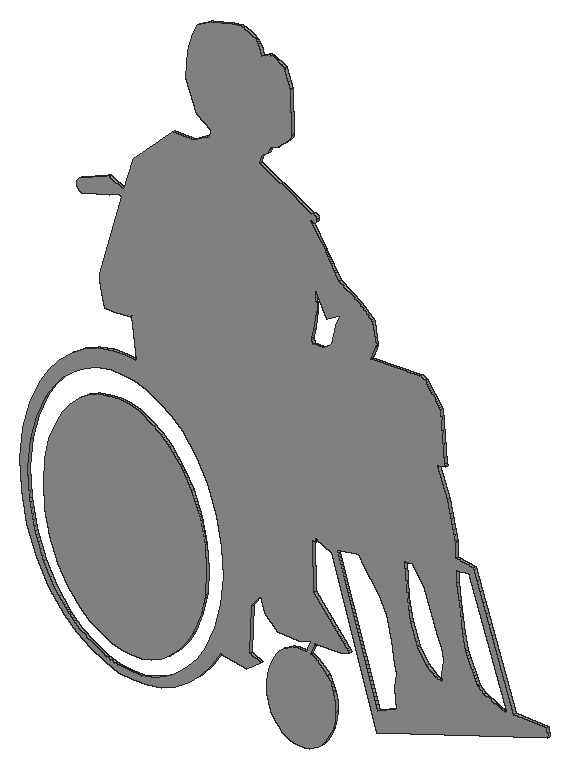
Revit family
Parameters (values of type "People_02_Multiple_views")
  built-in parameter 1005198 = (empty or 0)
  built-in parameter 1005195 = "d:\\byoh\\M25_HOL1_Santa.rpc"
  Assembly Code = ""
Reference planes (in)
  plane 1 "Center (Front/Back)": y = 0
  plane 2: z = 0
  plane 3 "Center (Left/Right)": x = 0
Forms (in)
  Extrusion 1, solid, material "Entourage-Figure"
    sketch origin (-50.57069, 0, 0) x (1, 0, 0) y (0, 0, 1)
      loop
        line (41.33906, 43.0601) -> (38.00453, 39.82113)
        arc (38.00453, 39.82113) -> (37.92926, 39.72609) -> (37.88099, 39.61487) r 0.46716
        line (37.88099, 39.61487) -> (37.1673, 37.12749) -> (35.9562, 37.75378)
        arc (35.9562, 37.75378) -> (35.85574, 37.77978) -> (35.75394, 37.7597) r 0.23358
        line (35.75394, 37.7597) -> (33.42661, 36.72854)
        arc (33.42661, 36.72854) -> (33.21156, 36.5346) -> (33.15213, 36.25117) r 0.46716
        line (33.15213, 36.25117) -> (33.16857, 36.10017)
        arc (33.16857, 36.10017) -> (33.37106, 35.76391) -> (33.75846, 35.70074) r 0.46716
        line (33.75846, 35.70074) -> (35.98849, 36.35229) -> (36.49822, 36.64027)
        arc (36.49822, 36.64027) -> (36.5952, 36.66979) -> (36.69556, 36.65545) r 0.23358
        line (36.69556, 36.65545) -> (36.99901, 36.54097) -> (35.12467, 30.00841) -> (35.08528, 29.48116) -> (35.36626, 28.30971) -> (35.56295, 27.58571) -> (36.26951, 27.49404) -> (37.72256, 27.62603) -> (37.86288, 27.80094) -> (38.25883, 24.49381)
        arc (38.25883, 24.49381) -> (37.21751, 24.59266) -> (36.17286, 24.53952) r 7.19726
        arc (36.17286, 24.53952) -> (34.38461, 24.07873) -> (32.77248, 23.17807) r 7.19726
        arc (32.77248, 23.17807) -> (31.20907, 21.73873) -> (29.98346, 20.00268) r 10.04439
        arc (29.98346, 20.00268) -> (29.09594, 18.03816) -> (28.55113, 15.95244) r 12.78371
        arc (28.55113, 15.95244) -> (28.31595, 13.54613) -> (28.43652, 11.13136) r 16.427
        arc (28.43652, 11.13136) -> (28.91024, 8.76045) -> (29.72683, 6.48475) r 16.427
        arc (29.72683, 6.48475) -> (30.76524, 4.59563) -> (32.1063, 2.90786) r 12.78371
        arc (32.1063, 2.90786) -> (33.7193, 1.52431) -> (35.58727, 0.51107) r 10.04439
        arc (35.58727, 0.51107) -> (37.37073, 0.03208) -> (39.21737, 0.02267) r 7.19726
        arc (39.21737, 0.02267) -> (41.00562, 0.48346) -> (42.61775, 1.38412) r 7.19726
        arc (42.61775, 1.38412) -> (44.19592, 2.84031) -> (45.4285, 4.59868) r 10.04439
        line (45.4285, 4.59868) -> (47.6135, 4.25468) -> (48.84513, 5.10843) -> (47.91544, 5.52895) -> (48.10066, 9.18553) -> (48.7962, 10.15581) -> (49.20796, 9.07519) -> (50.31186, 7.97227) -> (52.05889, 7.95641) -> (52.69408, 8.16997) -> (53.09547, 8.18255) -> (52.83016, 7.62501) -> (52.85072, 7.33256)
        arc (52.85072, 7.33256) -> (52.00488, 7.36818) -> (51.1981, 7.1116) r 2.43118
        arc (51.1981, 7.1116) -> (50.64534, 6.74254) -> (50.1824, 6.26563) r 3.14748
        arc (50.1824, 6.26563) -> (49.82529, 5.72004) -> (49.56586, 5.12179) r 3.83157
        arc (49.56586, 5.12179) -> (49.39133, 4.43601) -> (49.3209, 3.73188) r 4.73716
        arc (49.3209, 3.73188) -> (49.35614, 3.02511) -> (49.49628, 2.33149) r 4.73716
        arc (49.49628, 2.33149) -> (49.72556, 1.72105) -> (50.05504, 1.15834) r 3.83157
        arc (50.05504, 1.15834) -> (50.49363, 0.65895) -> (51.02731, 0.26279) r 3.14748
        arc (51.02731, 0.26279) -> (51.59298, 0.01974) -> (52.20157, -0.07342) r 2.43118
        arc (52.20157, -0.07342) -> (52.81405, -0.01071) -> (53.39114, 0.20384) r 2.43118
        arc (53.39114, 0.20384) -> (53.9439, 0.57291) -> (54.40684, 1.04981) r 3.14748
        arc (54.40684, 1.04981) -> (54.76395, 1.59541) -> (55.02338, 2.19366) r 3.83157
        arc (55.02338, 2.19366) -> (55.19791, 2.87944) -> (55.26834, 3.58357) r 4.73716
        arc (55.26834, 3.58357) -> (55.23309, 4.29033) -> (55.09296, 4.98396) r 4.73716
        arc (55.09296, 4.98396) -> (54.86367, 5.59439) -> (54.5342, 6.15711) r 3.83157
        arc (54.5342, 6.15711) -> (53.90447, 6.81896) -> (53.1112, 7.27209) r 3.14748
        line (53.1112, 7.27209) -> (53.46809, 8.02208) -> (53.46443, 8.19412) -> (55.62828, 8.26196) -> (56.43324, 8.52834) -> (53.38033, 12.14995) -> (53.2985, 15.99886) -> (53.59398, 16.03827) -> (53.56585, 16.24915) -> (54.87162, 15.63066) -> (58.14294, 5.14884) -> (58.70499, 3.23038) -> (73.29414, 7.94037) -> (73.22673, 8.68236) -> (70.4216, 8.75049) -> (67.0011, 18.78042) -> (65.49586, 19.00459) -> (65.44345, 20.10713) -> (64.79555, 23.19032) -> (63.96902, 25.48155) -> (64.5956, 25.59728) -> (64.52873, 25.85304) -> (64.16925, 29.81029) -> (62.80176, 31.6442)
        arc (62.80176, 31.6442) -> (62.62671, 31.78739) -> (62.40491, 31.83157) r 0.46716
        line (62.40491, 31.83157) -> (58.23521, 31.63185) -> (58.3201, 31.7477) -> (58.68511, 32.70905)
        arc (58.68511, 32.70905) -> (58.69916, 32.76873) -> (58.6972, 32.83001) r 0.23358
        line (58.6972, 32.83001) -> (58.4164, 34.53068) -> (57.26471, 35.47341) -> (55.49809, 36.66576) -> (54.34421, 38.52472) -> (53.13552, 40.36663)
        arc (53.13552, 40.36663) -> (53.24194, 40.35933) -> (53.34857, 40.35682) r 2.36798
        arc (53.34857, 40.35682) -> (53.65895, 40.73862) -> (53.22139, 40.96366) r 0.31681
        line (53.22139, 40.96366) -> (52.35455, 41.41745) -> (48.74547, 43.30683)
        arc (48.74547, 43.30683) -> (48.83931, 43.64558) -> (48.9823, 43.96669) r 2.36631
        line (48.9823, 43.96669) -> (49.497, 44.32486) -> (49.66553, 44.77169) -> (50.40485, 45.10556) -> (51.37341, 46.0025)
        arc (51.37341, 46.0025) -> (51.48797, 46.16742) -> (51.52272, 46.3652) r 0.46716
        line (51.52272, 46.3652) -> (51.37705, 49.77604) -> (50.90356, 51.18991)
        arc (50.90356, 51.18991) -> (50.80596, 51.35612) -> (50.64957, 51.46878) r 0.46716
        line (50.64957, 51.46878) -> (49.90944, 51.79621)
        arc (49.90944, 51.79621) -> (49.72685, 51.8361) -> (49.54323, 51.80123) r 0.46716
        line (49.54323, 51.80123) -> (48.95012, 51.55806)
        arc (48.95012, 51.55806) -> (48.01817, 52.90739) -> (46.38439, 53.04877) r 1.92494
        line (46.38439, 53.04877) -> (44.57182, 52.63031) -> (43.47904, 51.96372) -> (43.04504, 51.18243) -> (42.5975, 49.65802) -> (42.46197, 47.56209) -> (43.37515, 45.14651) -> (44.54737, 44.30743)
        arc (44.54737, 44.30743) -> (44.53596, 43.98896) -> (44.49622, 43.67278) r 3.57497
        line (44.49622, 43.67278) -> (44.35425, 43.7704) -> (43.12525, 43.0601) -> (41.33906, 43.0601)
      loop
        line (55.37312, 33.92381) -> (54.47676, 33.35859) -> (53.49172, 35.17297) -> (53.57885, 33.49898) -> (53.39158, 32.19772) -> (53.22736, 31.50799)
        arc (53.22736, 31.50799) -> (53.22105, 31.45845) -> (53.22542, 31.4087) r 0.23358
        line (53.22542, 31.4087) -> (53.29651, 31.04822) -> (54.24254, 31.04822) -> (54.85023, 31.49601) -> (55.22619, 33.12765) -> (55.65477, 34.03698) -> (55.37312, 33.92381)
      loop
        line (69.8761, 8.50298) -> (66.55405, 18.24423) -> (65.54152, 18.04405) -> (65.58715, 17.08411) -> (65.85851, 15.0577) -> (66.09842, 13.37755) -> (66.3198, 12.17575) -> (67.33762, 9.82439) -> (67.89633, 9.43875) -> (69.8761, 8.50298)
      loop
        line (64.29201, 9.64431) -> (64.40776, 10.72172)
        arc (64.40776, 10.72172) -> (64.28144, 11.62691) -> (63.94436, 12.47645) r 3.8319
        line (63.94436, 12.47645) -> (62.73213, 15.84598) -> (61.72392, 17.2893) -> (61.12088, 17.17008) -> (61.33744, 14.38516) -> (61.66167, 12.73761) -> (62.20848, 11.04169) -> (63.01109, 9.89269) -> (63.79126, 9.26533) -> (64.3602, 9.02413) -> (64.29201, 9.64431)
      loop
        line (60.41047, 5.61777) -> (60.28301, 7.24246) -> (60.43633, 8.32866) -> (60.29438, 9.05365) -> (60.01119, 10.72987) -> (59.54307, 12.52021) -> (58.87707, 13.88112) -> (57.63441, 15.61456)
        arc (57.63441, 15.61456) -> (57.40471, 15.99842) -> (57.1961, 16.39414) r 8.26601
        line (57.1961, 16.39414) -> (55.37054, 16.03322) -> (58.82903, 4.95167) -> (60.41047, 5.61777)
      loop
        arc (39.03525, 22.61356) -> (37.51116, 23.02289) -> (35.93307, 23.03094) r 6.15059
        arc (35.93307, 23.03094) -> (34.40488, 22.63715) -> (33.02719, 21.86748) r 6.15059
        arc (33.02719, 21.86748) -> (31.6267, 20.57812) -> (30.5288, 19.02297) r 8.99772
        arc (30.5288, 19.02297) -> (29.71395, 17.2193) -> (29.21375, 15.30435) r 11.73704
        arc (29.21375, 15.30435) -> (28.99355, 13.05136) -> (29.10644, 10.79045) r 15.38033
        arc (29.10644, 10.79045) -> (29.54997, 8.5706) -> (30.31454, 6.4399) r 15.38033
        arc (30.31454, 6.4399) -> (31.26792, 4.70546) -> (32.49919, 3.15587) r 11.73704
        arc (32.49919, 3.15587) -> (33.9441, 1.9165) -> (35.61743, 1.00884) r 8.99772
        arc (35.61743, 1.00884) -> (37.14152, 0.59951) -> (38.71961, 0.59147) r 6.15059
        arc (38.71961, 0.59147) -> (40.2478, 0.98525) -> (41.62549, 1.75493) r 6.15059
        arc (41.62549, 1.75493) -> (43.02598, 3.04429) -> (44.12388, 4.59943) r 8.99772
        arc (44.12388, 4.59943) -> (44.93873, 6.40311) -> (45.43893, 8.31806) r 11.73704
        arc (45.43893, 8.31806) -> (45.65913, 10.57104) -> (45.54624, 12.83195) r 15.38033
        arc (45.54624, 12.83195) -> (45.10271, 15.0518) -> (44.33814, 17.1825) r 15.38033
        arc (44.33814, 17.1825) -> (43.38476, 18.91694) -> (42.15349, 20.46653) r 11.73704
        arc (42.15349, 20.46653) -> (40.70858, 21.70591) -> (39.03525, 22.61356) r 8.99772
      loop
        arc (38.4118, 20.68132) -> (37.13543, 20.99617) -> (35.82107, 20.9697) r 5.03239
        arc (35.82107, 20.9697) -> (34.55841, 20.60372) -> (33.43362, 19.92321) r 5.03239
        arc (33.43362, 19.92321) -> (32.29053, 18.78941) -> (31.4122, 17.44008) r 7.59266
        arc (31.4122, 17.44008) -> (30.77809, 15.88635) -> (30.41051, 14.24896) r 10.08141
        arc (30.41051, 14.24896) -> (30.28422, 12.31914) -> (30.43678, 10.39121) r 13.4125
        arc (30.43678, 10.39121) -> (30.86502, 8.50527) -> (31.56003, 6.70052) r 13.4125
        arc (31.56003, 6.70052) -> (32.39835, 5.24677) -> (33.46621, 3.95222) r 10.08141
        arc (33.46621, 3.95222) -> (34.70638, 2.92551) -> (36.13515, 2.18337) r 7.59266
        arc (36.13515, 2.18337) -> (37.41152, 1.86852) -> (38.72588, 1.89499) r 5.03239
        arc (38.72588, 1.89499) -> (39.98854, 2.26097) -> (41.11333, 2.94148) r 5.03239
        arc (41.11333, 2.94148) -> (42.25643, 4.07528) -> (43.13476, 5.42461) r 7.59266
        arc (43.13476, 5.42461) -> (43.76886, 6.97834) -> (44.13644, 8.61573) r 10.08141
        arc (44.13644, 8.61573) -> (44.26273, 10.54555) -> (44.11017, 12.47348) r 13.4125
        arc (44.11017, 12.47348) -> (43.68194, 14.35942) -> (42.98692, 16.16417) r 13.4125
        arc (42.98692, 16.16417) -> (42.1486, 17.61792) -> (41.08075, 18.91246) r 10.08141
        arc (41.08075, 18.91246) -> (39.84058, 19.93918) -> (38.4118, 20.68132) r 7.59266
    from -0.09766 to 0.09766
